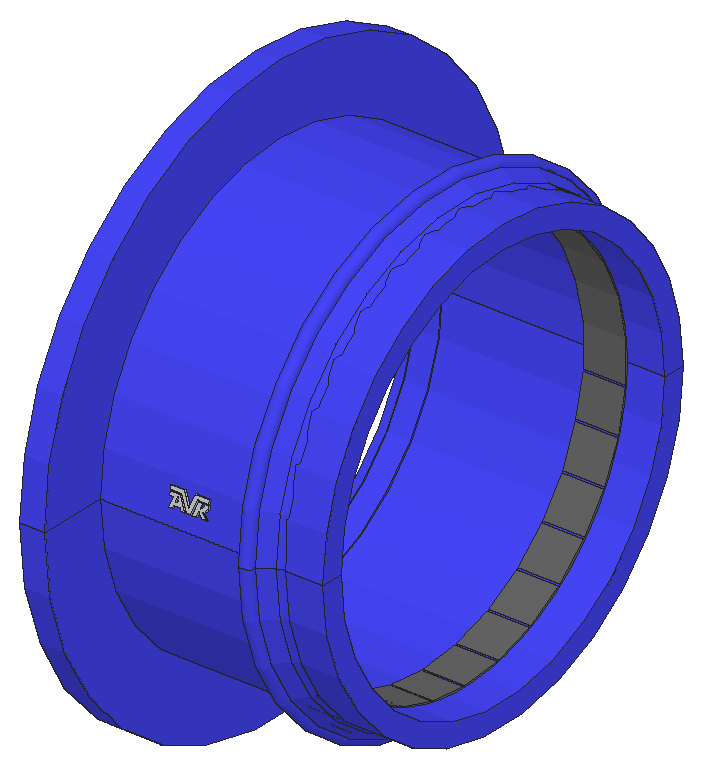
Revit family "712-7511-001 DN50-400", category Pipe Accessories, Revit 2022
Family settings
  Round Connector Dimension = Use Diameter
  Part Type = Valve - Breaks Into
  Work Plane-Based = No
  Always vertical = Yes
  Cut with Voids When Loaded = No
  Shared = No
Parameters (values of type "DN400_PN16")
  rad_3 = bd_ra * 2  # 14 mm
  rad_2 = rad * 0.2  # 6.52 mm
  rad = curv_hgt - Dd  # 32.6 mm
  logo = 3 mm  # constant formula
  curv_hgt = size_lookup(Search_table, "curv_hgt", 0 mm, DN)  # 232.6 mm
  chm = size_lookup(Search_table, "chm", 0 mm, DN)  # 6 mm
  bore = DN / 2  # 200.05 mm
  bdy_ra_3 = size_lookup(Search_table, "bdy_ra_3", 0 mm, DN)  # 14 mm
  bdy_ra_2 = size_lookup(Search_table, "bdy_ra_2", 0 mm, DN)  # 6 mm
  bdy_ra_1 = size_lookup(Search_table, "bdy_ra_1", 0 mm, DN)  # 7 mm
  bdy_curve_2 = size_lookup(Search_table, "bdy_curve_2", 0 mm, DN) / 2  # 43.8 mm
  bdy_curve = size_lookup(Search_table, "bdy_curve", 0 mm, DN)  # 21.6 mm
  bd_ra = size_lookup(Search_table, "bd_ra", 0 mm, DN)  # 7 mm
  Z = size_lookup(Search_table, "Z", 0 mm, DN)  # 25 mm
  URL product pages = "https://www.avkvalves.com/P.aspx?no=712005075111"
  Search_table = "712-7511-001 DN50-400"
  Raised_dis = size_lookup(Search_table, "Raised_dis", 0 mm, DN)  # 4 mm
  Raised_dia = size_lookup(Search_table, "Raised_dia", 0 mm, DN) / 2  # 240 mm
  OD = size_lookup(Search_table, "OD", 0 mm, DN) / 2  # 290 mm
  L = size_lookup(Search_table, "L", 0 mm, DN) / 2  # 124 mm
  FL_T = size_lookup(Search_table, "FL_T", 0 mm, DN)  # 28 mm
  Description_ = "AVK SOCKET PIECE"
  Default Elevation = 0 mm
  Dd = size_lookup(Search_table, "Dd", 0 mm, DN) / 2  # 200 mm
  DN400_PN16 = "712040075111"
  DN400_PN10 = "712040075110"
  DN300_PN16 = "712030075111"
  DN300_PN10 = "712030075110"
  DN250_PN16 = "712025075111"
  DN250_PN10 = "712025075110"
  DN200_PN16 (Dd-225) = "712022575111"
  DN200_PN16 (Dd-200) = "712020075111"
  DN200_PN10 (Dd-225) = "712022575110"
  DN200_PN10 (Dd-200) = "712020075110"
  DN150_PN10/16 = "712015075111"
  DN125_PN10/16 (Dd-140) = "712014075111"
  DN125_PN10/16 (Dd-125) = "712012575111"
  DN100_PN10/16 = "712010075111"
  DN080_PN10/16 = "712008075111"
  DN065_PN10/16 = "712006575111"
  DN050_PN10/16 = "712005075111"
  DN = 400.1 mm
  Bdy_tic = size_lookup(Search_table, "Bdy_tic", 0 mm, DN) / 2  # 221.55 mm
  1 = 1 mm  # constant formula
  0 = 0 mm  # constant formula
Types (18, lengths in mm): name | rad_3 | rad_2 | rad | curv_hgt | chm | bore | bdy_ra_3 | bdy_ra_2 | bdy_curve_2 | bdy_curve | bd_ra | Z | Raised_dis | Raised_dia | OD | L | FL_T | Dd | DN | Bdy_tic
  (no name) | 14 | 6.52 | 32.6 | 232.6 | 6 | 200.05 | 14 | 6 | 43.8 | 21.6 | 7 | 25 | 4 | 240 | 290 | 124 | 28 | 200 | 400.1 | 221.55
  DN050_PN10/16 | 14 | 2.54 | 12.7 | 44.2 | 2 | 25 | 11 | 3 | 15.25 | 15 | 7 | 15 | 3 | 49.5 | 82.5 | 52.75 | 19 | 31.5 | 50 | 40.2
  DN065_PN10/16 | 14 | 2.88 | 14.4 | 51.9 | 2 | 32.5 | 11 | 3 | 17.75 | 16 | 7 | 15 | 3 | 59 | 92.5 | 55.75 | 19 | 37.5 | 65 | 47.15
  DN080_PN10/16 | 14 | 3.22 | 16.1 | 61.1 | 2 | 40 | 11 | 3 | 19.25 | 17 | 7 | 15 | 3 | 66 | 100 | 60.25 | 19 | 45 | 80 | 55.55
  DN100_PN10/16 | 14 | 3.62 | 18.1 | 73.1 | 2 | 50 | 11 | 3 | 21.5 | 18 | 7 | 15 | 3 | 78 | 110 | 63 | 19 | 55 | 100 | 66.45
  DN125_PN10/16 (Dd-125) | 14 | 3.76 | 18.8 | 81.3 | 2 | 62.5 | 12 | 4 | 22.5 | 19 | 7 | 15 | 3 | 92 | 125 | 69.5 | 19 | 62.5 | 125 | 73.9
  DN125_PN10/16 (Dd-140) | 14 | 4.1 | 20.5 | 90.5 | 4 | 62.55 | 12 | 4 | 23.5 | 20 | 7 | 15 | 3 | 92 | 125 | 73.5 | 19 | 70 | 125.1 | 82.3
  DN150_PN10/16 | 14 | 2.1 | 10.5 | 90.5 | 4 | 75 | 12 | 4 | 23.5 | 20 | 7 | 15 | 3 | 105.5 | 142.5 | 86.5 | 19 | 80 | 150 | 82.3
  DN200_PN10 (Dd-200) | 14 | 5.08 | 25.4 | 125.4 | 4 | 100 | 13 | 5 | 28 | 24 | 7 | 17 | 3 | 133 | 170 | 97.5 | 20 | 100 | 200 | 114
  DN200_PN10 (Dd-225) | 14 | 5.54 | 27.7 | 140.2 | 4 | 100.1 | 13 | 5 | 31 | 26 | 7 | 17 | 3 | 133 | 170 | 101.5 | 20 | 112.5 | 200.2 | 127.45
  DN200_PN16 (Dd-200) | 14 | 5.08 | 25.4 | 125.4 | 4 | 100.05 | 13 | 5 | 28 | 24 | 7 | 17 | 3 | 133 | 170 | 97.5 | 20 | 100 | 200.1 | 114
  DN200_PN16 (Dd-225) | 14 | 5.54 | 27.7 | 140.2 | 4 | 100.15 | 13 | 5 | 31 | 26 | 7 | 17 | 3 | 133 | 170 | 101.5 | 20 | 112.5 | 200.3 | 127.45
  DN250_PN10 | 16 | 6.14 | 30.7 | 155.7 | 2 | 125 | 14 | 6 | 33.25 | 27 | 8 | 19 | 3 | 159.5 | 197.5 | 112 | 22 | 125 | 250 | 141.5
  DN250_PN16 | 14 | 6.14 | 30.7 | 155.7 | 2 | 125.05 | 14 | 6 | 33.25 | 27 | 7 | 19 | 3 | 159.5 | 202.5 | 111.75 | 22 | 125 | 250.1 | 141.5
  DN300_PN10 | 14 | 5.49 | 27.45 | 184.95 | 4 | 150 | 14 | 6 | 38.75 | 30 | 7 | 22 | 4 | 185 | 222.5 | 129 | 25 | 157.5 | 300 | 175.85
  DN300_PN16 | 14 | 5.49 | 27.45 | 184.95 | 4 | 150.05 | 14 | 6 | 38.75 | 30 | 7 | 22 | 4 | 185 | 230 | 128.75 | 25 | 157.5 | 300.1 | 175.85
  DN400_PN10 | 14 | 6.52 | 32.6 | 232.6 | 6 | 200 | 14 | 6 | 43.8 | 21.6 | 7 | 22 | 4 | 240 | 282.5 | 124 | 25 | 200 | 400 | 221.55
  DN400_PN16 | 14 | 6.52 | 32.6 | 232.6 | 6 | 200.05 | 14 | 6 | 43.8 | 21.6 | 7 | 25 | 4 | 240 | 290 | 124 | 28 | 200 | 400.1 | 221.55
Reference planes
  plane 1 "Center (Front/Back)": y = 0
  plane 2: z = 0
  plane 3 "Center (Left/Right)": x = 0
  plane 4: x = -124
  plane 5: y = 200
  plane 6: y = -200
  plane 7: y = 290
  plane 8: y = -290
  plane 9: y = 240
  plane 10: y = -240
  plane 11: y = 200.05
  plane 12: y = -200.05
  plane 13: y = 221.55
  plane 14: y = -221.55
  plane 15: x = 37.75
  plane 16: x = -6.05
  plane 17: x = 124
  plane 18: x = -120
  plane 19: x = 58.6
  plane 20: x = 102.4
  plane 21: z = 221.55
  plane 22: z = 200
  plane 23: z = 200
  plane 24: z = -200
  plane 25: z = 200.05
  plane 26: z = -200.05
Forms (mm)
  Revolve 1, solid, material "Default New Material"
    sketch origin (0, 0, 0) x (1, 0, 0) y (0, 1, 0)
      loop
        line (-120, 200) -> (-96, 200) -> (-96, 290) -> (-120, 290) -> (-120, 200)
      axis (-120, 0) -> (-96, 0)
    angle from 0 to 360
  Revolve 2, solid, material "Default New Material"
    sketch origin (0, 0, 0) x (1, 0, 0) y (0, 1, 0)
      loop
        line (124, 200) -> (124, 221.55) -> (-96, 221.55) -> (-96, 200) -> (124, 200)
      axis (-96, 0) -> (124, 0)
    angle from 0 to 360
  Revolve 3, solid, material "Default New Material"
    sketch origin (0, 0, 0) x (1, 0, 0) y (0, 1, 0)
      loop
        arc (65.6, 232.6) -> (58.6, 239.6) -> (51.6, 232.6) r 7
        line (51.6, 232.6) -> (65.6, 232.6)
      axis (51.6, 0) -> (65.6, 0)
    angle from 0 to 360
  Revolve 4, solid, material "Default New Material"
    sketch origin (0, 0, 0) x (1, 0, 0) y (0, 1, 0)
      loop
        line (45.08, 221.55) -> (65.6, 221.55) -> (65.6, 228.07) -> (51.6, 228.07)
        arc (51.6, 228.07) -> (49.69, 223.46) -> (45.08, 221.55) r 6.52
      axis (45.08, 0) -> (65.6, 0)
    angle from 0 to 360
  Revolve 5, solid, material "Default New Material"
    sketch origin (0, 0, 0) x (1, 0, 0) y (0, 1, 0)
      loop
        line (65.6, 232.6) -> (65.6, 221.55) -> (86.715, 221.55)
        arc (86.715, 221.55) -> (82.728, 222.13) -> (79.071, 223.821) r 14
        line (79.071, 223.821) -> (65.6, 232.6)
      axis (65.6, 0) -> (86.715, 0)
    angle from 0 to 360
  Revolve 6, solid, material "Default New Material(1)"
    sketch origin (0, 0, 0) x (1, 0, 0) y (0, 0, 1)
      loop
        line (45.08, 199) -> (86.715, 199) -> (86.715, 200) -> (45.08, 200) -> (45.08, 199)
      axis (45.08, 0) -> (86.715, 0)
    angle from 0 to 360
  Revolve 7, solid, material "Default New Material"
    sketch origin (0, 0, 0) x (1, 0, 0) y (0, 1, 0)
      loop
        line (-124, 194.05) -> (-120, 199.993) -> (-120, 240) -> (-124, 236) -> (-124, 194.05)
      axis (-124, 0) -> (-120, 0)
    angle from 0 to 360
Dimensions and locks
  "L": plane 4 to plane 3 "Center (Left/Right)"
  equal spacing: plane 6, plane 1 "Center (Front/Back)", plane 5
  "Dd": plane 6 to plane 1 "Center (Front/Back)"
  equal spacing: plane 8, plane 1 "Center (Front/Back)", plane 7
  "OD": plane 8 to plane 1 "Center (Front/Back)"
  equal spacing: plane 10, plane 1 "Center (Front/Back)", plane 9
  "Raised_dia": plane 10 to plane 1 "Center (Front/Back)"
  equal spacing: plane 12, plane 1 "Center (Front/Back)", plane 11
  "bore": plane 12 to plane 1 "Center (Front/Back)"
  equal spacing: plane 14, plane 1 "Center (Front/Back)", plane 13
  "Bdy_tic": plane 14 to plane 1 "Center (Front/Back)"
  "FL_T": plane 4 to Revolve 1 sketch curve
  "bdy_curve_2": plane 16 to plane 15
  "Raised_dis": plane 4 to plane 18
  equal spacing: plane 4, plane 3 "Center (Left/Right)", plane 17
  "bdy_curve": plane 20 to plane 17
  "bdy_curve_2": plane 19 to plane 20
  "curv_hgt": plane 1 "Center (Front/Back)" to Revolve 3 sketch curve
  "bdy_curve_2": Revolve 3 sketch curve to plane 20
  "rad_2": Revolve 4 sketch curve to plane 13
  "rad_3": Revolve 4 sketch curve to Revolve 3
  "curv_hgt": plane 1 "Center (Front/Back)" to Revolve 5 sketch curve
  "Bdy_tic": plane 21 to level
  "Dd": plane 22 to level
  "1": plane 22 to Revolve 6 sketch curve
  "Raised_dis": plane 9 to Revolve 7 sketch curve
  "chm": plane 11 to Revolve 7 sketch curve
  plane 11 to plane 12 = 400.1 mm
  plane 5 to plane 6 = 400 mm
  plane 4 to plane 17 = 248 mm
  "logo": plane 3 "Center (Left/Right)" to nested 1
  plane 17 to plane 4 = 248 mm
  equal spacing: plane 23, level, plane 24
  "Dd": plane 23 to level
  "bore": plane 25 to level
  equal spacing: plane 25, level, plane 26
  plane 25 to plane 26 = 400.1 mm
  plane 23 to plane 24 = 400 mm
  "bd_ra": radius of Revolve 3 sketch curve
  "rad_2": radius of Revolve 4 sketch curve
  "bdy_ra_3": radius of Revolve 5 sketch curve
  aligned and locked: level to plane 2
  aligned and locked: Revolve 1 sketch curve to plane 7
  aligned and locked: plane 18 to Revolve 1 sketch curve
  aligned and locked: Revolve 2 sketch curve to plane 13
  aligned and locked: plane 17 to Revolve 2 sketch curve
  aligned and locked: Revolve 2 sketch curve to plane 5
  aligned and locked: Revolve 1 to Revolve 2 sketch curve
  aligned and locked: plane 1 "Center (Front/Back)" to Revolve 2 sketch curve
  aligned and locked: plane 1 "Center (Front/Back)" to Revolve 3 sketch curve
  aligned and locked: Revolve 4 sketch curve to plane 13
  aligned and locked: plane 1 "Center (Front/Back)" to Revolve 4 sketch curve
  aligned and locked: Revolve 4 sketch curve to Revolve 3
  aligned and locked: plane 13 to Revolve 5 sketch curve
  aligned and locked: plane 1 "Center (Front/Back)" to Revolve 5 sketch curve
  aligned and locked: Revolve 5 sketch curve to Revolve 4
  aligned and locked: Revolve 4 to Revolve 6 sketch curve
  aligned and locked: Revolve 6 sketch curve to Revolve 5
  aligned and locked: Revolve 6 sketch curve to plane 2
  aligned and locked: Revolve 6 sketch curve to plane 22
  aligned and locked: plane 1 "Center (Front/Back)" to Revolve 1 sketch curve
  aligned and locked: Revolve 7 sketch curve to Revolve 1
  aligned and locked: plane 4 to Revolve 7 sketch curve
  aligned and locked: plane 1 "Center (Front/Back)" to Revolve 7 sketch curve
Automatic sketch dimensions
  plane 3 "Center (Left/Right)" to Revolve 2 sketch curve = 22.75 mm
  Revolve 2 sketch curve to plane 17 = 15 mm
  Revolve 1 sketch curve to plane 5 = 0 mm
  Revolve 1 sketch curve to plane 4 = 18.128 mm
  Revolve 1 sketch curve to Revolve 1 sketch curve = 15 mm
  plane 17 to Revolve 3 sketch curve = 20.484 mm
  Revolve 3 sketch curve to Revolve 3 sketch curve = 16.764 mm
  plane 17 to Revolve 4 sketch curve = 12.75 mm
  Revolve 4 sketch curve to Revolve 4 sketch curve = 10 mm
  plane 13 to Revolve 5 sketch curve = 2.271 mm
  plane 17 to Revolve 5 sketch curve = 21.75 mm
  Revolve 5 sketch curve to Revolve 5 sketch curve = 12.668 mm
  plane 17 to Revolve 6 sketch curve = 10.698 mm
  Revolve 6 sketch curve to Revolve 6 sketch curve = 15 mm
  Revolve 7 sketch curve to plane 9 = 0 mm
  Revolve 7 sketch curve to plane 5 = 0.007 mm
  Revolve 7 sketch curve to plane 4 = 15.982 mm
  Revolve 7 sketch curve to Revolve 7 sketch curve = 21.828 mm
Nested families
  nested 1: "AVK logo(20-10)" at (-8.331, -219.928, 26.762) x (1, 0, 0) z (0, -0.9927, 0.1208), type "AVK logo(20-10)"
Connectors
  piping at (124, 0, 0), diameter 400.1, driven by "DN"
    settings: on Revolve 2, index 1, connector inside diameter 609.6 mm, connector length 0 mm, flow factor 0, pipe flow 0.0 L/s, pressure drop 0.0 Pa, fitting loss kfactor 0, connector angle 0.00°, fixture units 0, engagement length 0 mm, angle of deflection 0.00°, flow configuration 0, flow direction 0, fitting loss method 0, system type 7, joint type 0, gender type 0, connector reference index -1, connector utility 0, adjustable connector no, is connector primary yes, connector description ""
  piping at (-124, 0, 0), diameter 400.1, driven by "DN"
    settings: on Revolve 7, index 2, connector inside diameter 609.6 mm, connector length 0 mm, flow factor 0, pipe flow 0.0 L/s, pressure drop 0.0 Pa, fitting loss kfactor 0, connector angle 0.00°, fixture units 0, engagement length 0 mm, angle of deflection 0.00°, flow configuration 0, flow direction 0, fitting loss method 0, system type 7, joint type 0, gender type 0, connector reference index -1, connector utility 0, adjustable connector no, is connector primary no, connector description ""
Definition of nested family "AVK logo(20-10)"
  Parameters (values of type "AVK logo(20-10)")
    Default Elevation = 1219.2 mm
    20 = 20 mm  # constant formula
    10 = 10 mm  # constant formula
    1 = 1 mm  # constant formula
  Reference planes
    plane 1 "Center (Front/Back)": y = 0
    plane 2: z = 0
    plane 3 "Center (Left/Right)": x = 0
    plane 4: y = 10
    plane 5: y = -10
    plane 6: x = -20
    plane 7: x = 20
  Forms (mm)
    Extrusion 1, solid
      sketch origin (0, 0, 0) x (1, 0, 0) y (0, 1, 0)
        loop
          line (-1219.2, 1219.2) -> (-1219.2, -1219.2) -> (1219.2, -1219.2) -> (1219.2, 1219.2) -> (-1219.2, 1219.2)
      from 0 to -304.8
    Extrusion 2, solid
      sketch origin (0, 0, 0) x (1, 0, 0) y (0, 1, 0)
        loop
          line (-18.936, 8.632) -> (-18.936, 4.861) -> (-7.599, 4.861) -> (-1.865, -9.604) -> (2.215, -9.604) -> (8.059, 4.861) -> (19.051, 4.861) -> (19.051, 8.632) -> (5.331, 8.632) -> (0.109, -4.292) -> (-5.015, 8.632) -> (-18.936, 8.632)
        loop
          line (-18.936, 3.329) -> (-18.936, 0) -> (-15.068, 0) -> (-18.948, -9.604) -> (-15.124, -9.604) -> (-14.463, -7.569) -> (-8.141, -7.569) -> (-7.335, -9.604) -> (-3.675, -9.604) -> (-8.803, 3.329) -> (-18.936, 3.329)
        loop
          line (-11.439, 0.827) -> (-13.073, -4.204) -> (-9.544, -4.204) -> (-11.439, 0.827)
        loop
          line (9.22, 3.526) -> (3.953, -9.51) -> (8.11, -9.51) -> (10.016, -4.793) -> (13.57, -9.51) -> (18.261, -9.51) -> (14.028, -3.892)
          arc (14.028, -3.892) -> (16.58, -2.654) -> (18.162, -0.299) r 5.437
          line (18.162, -0.299) -> (19.238, -0.299) -> (19.238, 3.526) -> (15.669, 3.526) -> (15.459, 2.269)
          arc (15.459, 2.269) -> (13.965, -0.401) -> (11.114, -1.509) r 4.523
          line (11.114, -1.509) -> (13.148, 3.526) -> (9.22, 3.526)
      from 0 to 1
  Dimensions and locks
    equal spacing: plane 5, plane 1 "Center (Front/Back)", plane 4
    "10": plane 5 to plane 1 "Center (Front/Back)"
    equal spacing: plane 6, plane 3 "Center (Left/Right)", plane 7
    "20": plane 6 to plane 3 "Center (Left/Right)"
    "1": Extrusion 2 to Extrusion 1
    aligned and locked: plane 2 to Extrusion 1
    aligned and locked: level to Extrusion 1
  Automatic sketch dimensions
    Extrusion 1 sketch curve to Extrusion 1 sketch curve = 2438.4 mm  (x2)
    plane 1 "Center (Front/Back)" to Extrusion 2 sketch curve = 0 mm
    plane 5 to Extrusion 2 sketch curve = 0.396 mm  (x3)
    plane 6 to Extrusion 2 sketch curve = 1.052 mm
    plane 6 to Extrusion 2 sketch curve = 1.064 mm  (x2)
    Extrusion 2 sketch curve to Extrusion 2 sketch curve = 3.824 mm
    Extrusion 2 sketch curve to Extrusion 2 sketch curve = 3.868 mm
    plane 5 to Extrusion 2 sketch curve = 2.431 mm
    Extrusion 2 sketch curve to Extrusion 2 sketch curve = 0.661 mm
    Extrusion 2 sketch curve to Extrusion 2 sketch curve = 1.39 mm
    Extrusion 2 sketch curve to plane 1 "Center (Front/Back)" = 0.827 mm
    Extrusion 2 sketch curve to Extrusion 2 sketch curve = 3.629 mm
    plane 1 "Center (Front/Back)" to Extrusion 2 sketch curve = 4.204 mm
    Extrusion 2 sketch curve to Extrusion 2 sketch curve = 3.53 mm
    Extrusion 2 sketch curve to Extrusion 2 sketch curve = 2.636 mm
    Extrusion 2 sketch curve to Extrusion 2 sketch curve = 1.403 mm
    Extrusion 2 sketch curve to Extrusion 2 sketch curve = 1.203 mm
    Extrusion 2 sketch curve to Extrusion 2 sketch curve = 0.807 mm
    Extrusion 2 sketch curve to plane 4 = 1.368 mm  (x2)
    Extrusion 2 sketch curve to Extrusion 2 sketch curve = 2.584 mm
    Extrusion 2 sketch curve to Extrusion 2 sketch curve = 3.659 mm
    Extrusion 2 sketch curve to Extrusion 2 sketch curve = 1.811 mm
    plane 3 "Center (Left/Right)" to Extrusion 2 sketch curve = 0.109 mm
    plane 3 "Center (Left/Right)" to Extrusion 2 sketch curve = 2.215 mm
    plane 3 "Center (Left/Right)" to Extrusion 2 sketch curve = 5.331 mm
    Extrusion 2 sketch curve to Extrusion 2 sketch curve = 2.728 mm
    plane 1 "Center (Front/Back)" to Extrusion 2 sketch curve = 4.793 mm
    Extrusion 2 sketch curve to Extrusion 2 sketch curve = 1.905 mm
    Extrusion 2 sketch curve to Extrusion 2 sketch curve = 2.94 mm
    plane 1 "Center (Front/Back)" to Extrusion 2 sketch curve = 1.509 mm
    Extrusion 2 sketch curve to Extrusion 2 sketch curve = 1.098 mm
    Extrusion 2 sketch curve to Extrusion 2 sketch curve = 2.015 mm
    Extrusion 2 sketch curve to Extrusion 2 sketch curve = 0.135 mm
    plane 5 to Extrusion 2 sketch curve = 0.49 mm  (x2)
    Extrusion 2 sketch curve to Extrusion 2 sketch curve = 5.459 mm
    Extrusion 2 sketch curve to Extrusion 2 sketch curve = 2.914 mm
    Extrusion 2 sketch curve to plane 1 "Center (Front/Back)" = 2.269 mm
    Extrusion 2 sketch curve to Extrusion 2 sketch curve = 2.446 mm
    Extrusion 2 sketch curve to Extrusion 2 sketch curve = 0.21 mm
    plane 1 "Center (Front/Back)" to Extrusion 2 sketch curve = 0.299 mm
    Extrusion 2 sketch curve to plane 7 = 1.838 mm
    Extrusion 2 sketch curve to plane 7 = 1.739 mm
    Extrusion 2 sketch curve to plane 7 = 0.949 mm
    Extrusion 2 sketch curve to plane 7 = 0.762 mm
    plane 1 "Center (Front/Back)" to Extrusion 2 sketch curve = 4.292 mm
    Extrusion 2 sketch curve to Extrusion 2 sketch curve = 2.383 mm
    Extrusion 2 sketch curve to plane 1 "Center (Front/Back)" = 3.329 mm
    Extrusion 2 sketch curve to Extrusion 2 sketch curve = 2.077 mm
    Extrusion 2 sketch curve to Extrusion 2 sketch curve = 1.258 mm
    Extrusion 2 sketch curve to Extrusion 2 sketch curve = 1.532 mm
    Extrusion 2 sketch curve to Extrusion 2 sketch curve = 1.335 mm
    Extrusion 2 sketch curve to Extrusion 2 sketch curve = 1.738 mm
    Extrusion 2 sketch curve to plane 1 "Center (Front/Back)" = 3.526 mm
    Extrusion 2 sketch curve to Extrusion 2 sketch curve = 1.161 mm
